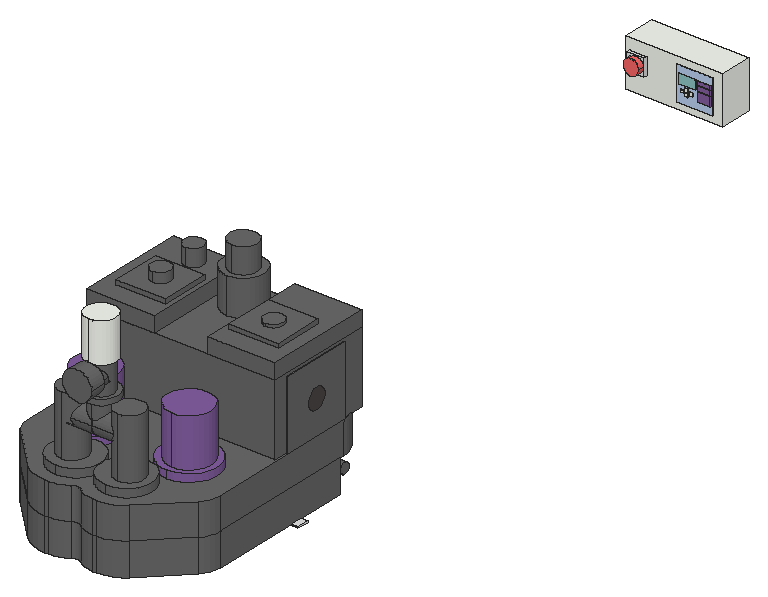
Revit family "11021", category Generic Models, Revit 2021
Family settings
  Can host rebar = No
  Round Connector Dimension = Use Diameter
  Part Type = Normal
  Work Plane-Based = No
  Always vertical = Yes
  Cut with Voids When Loaded = No
  Shared = Yes
  Room Calculation Point = No
Parameters (values of type "11021")
  SUPPLIER = "KESSEL"
  SA700ID49 = "Protection Class I"
  SA700ID48 = "no"
  SA700ID47 = "no"
  SA700ID46 = "yes"
  SA700ID37 = 8000 mm
  SA700ID34 = 40
  SA700ID33 = 1.4 W
  SA700ID32 = 97.93 kg
  SA700ID31 = 1
  SA700ID30 = 2
  SA700ID29 = "RWDR"
  SA700ID21 = 800
  SA700ID10 = "yes"
  SA700ID08 = 400 V
  PROCUREWEBLINK = "https://p.caden.as/kessel/11021"
  PROCURELINK = "p.caden.as/kessel/11021"
  PROCUREDATALASTUPDATE = "2024-05-22T12:18:06.363298847+01:00"
  PREVIEW = "../../_pool_/19/d3/11021.png"
  PRC_SPECIFICATIONLINK = "https://ausschreiben.de/catalog/kessel/catalogItem/3593f90d-558d-410c-858a-59c8beb63acd"
  NN = "Lifting station Aqualift F XL"
  NBSYN = "$SA810ID03."
  NB = "11021"
  Model = "11021"
  Manufacturer = "KESSEL"
  MIdent = "{$CADENAS_DATA/23d-libs/kessel/kessel_vdi_import/4/entwaesserung/hebeanlage20aqualift20f20xl.prj},201 {STYP=ASS},{VTYP=3D},{NB=11021},{LINA=11021},{NN=Lifting station Aqualift F XL},{DATE=21.11.2022 10:48:11},{GEOMDATE=21.11.2022 10:48:11},{VERSION=},{LINEID=200},{WBVAR=LODLEVEL},{WBNUMERIC=LODLEVEL}  {NB=11021},{LINA=11021},{KT=DUMMY},{PREVIEW=../../_pool_/19/d3/11021.png},{SA700ID04=Hebeanlage Aqualift F XL 200 l, Duo, SPF 1500-S3, Schieber},{SA810ID06=04026092056882},{SA700ID34=40.00},{SA010ID03=201805},{SA810ID03=11021},{SA810ID10=Aqualift F XL 1500W-S3 Duo 200L m.S.KESSEL Aqualift F XL Hebeanlage für fäkalienhaltiges und fäkalienfreies Abwasser. Zur Aufstellung in frostgeschützten Räumen.Duoanlage mit zwei Pumpen des Typs SPF 1500-S3 Sammelbehälter aus Polyethylen, mit verschraubter Reinigungsöffnung,Anschlussstutzen für Zulauf von oben DN100/150.Inklusive Tauchrohr zur pneumatischen Niveauerfassung,Entlüftungsanschluss DN 70 und Anschluss für eine Handmembranpumpe DN 32.Behälter inklusive Haltewinkel zur Auftriebssicherung.Behältervolumen 200 Liter, max. Nutzvolumen bei Zulauf von oben ca. 120 Liter.Zwei seitliche und zwei rückseitige Anbohrflächen zur Montage weiterer Zuläufe bis DN 200 unter Verwendung von Durchgangsdichtungen.Inklusive KESSEL Schaltgerät Aqualift Comfort 400 V.Anwenderfreundliche Menüführung im mehrzeiligem Display. MitSelbstdiagnosesystem (SDS) und Erinnerungsfunktion für nächste Wartung.Anzeige der aktuellen Messwerte. Einfache Einstellung derfunktionsrelevanten Parameter, inklusive Betriebsstundenzähler und potentialfreiem Kontakt. Optionale Weiterleitung von Alarm- und Sammelstörmeldung über GSM Schnittstelle.Schaltgerät mit Volltextanzeige in sechs Sprachen.Abwasserpumpe(n) mit Freistromrad zur Förderung von fäkalienfreiem und fäkalienhaltigem Abwasser gemäß DIN EN 12050-1. Freier Kugeldurchgang mindestens 40 mm. Pumpe(n) überflutungssicher. Inklusive Rückflussverhinderer, mit Druckabgang aus Kunststoff DN 100.Inklusive Absperrschieber.Pumpe(n) Typ SPF 1500-S3Fördermenge: max. 40 m³/hFörderhöhe: max. 8 mNennleistung (P2): 1,1 KW je PumpeAufnahmeleistung (P1): 1,4 KW je PumpeBetriebsspannung: 400 V DSNennfrequenz: 50 HzNennstrom: 2,7 AAbsicherung: 3 x 16 A trägeSchutzart (Pumpe): IP68 3mWS/48hSchutzart (Schaltgerät): IP 54Bertiebsart: S3 (50 % Einschaltdauer)Kabellänge: 5 mAußenmaße Anlage mit 200 Liter Behälter (BxTxH): 760 x 980 x 770 mm},{SA700ID37=8.00},{SA700ID33=1.40},{SA700ID08=400},{SA700ID30=2},{SA700ID32=97.93},{SA700ID49=Schutzklasse I},{SA700ID50=intern},{SA200ID03=6},{SA250ID03=vertikal},{SA260ID03=Trockenläuferpumpe},{SA350ID03=normalansaugend},{SA400ID03=E-Motor für Drehstrom},{SA460ID03=direkt},{SA500ID03=Kunststoff, Edelstahl},{SA700ID06=100},{SA700ID07=100},{SA700ID09=3/N/PE 400V},{SA700ID10=Ja},{SA700ID11=50},{SA700ID12=IP 68},{SA700ID13=F},{SA700ID15=40},{SA700ID21=800.00},{SA700ID22=1.10},{SA700ID23=1415},{SA700ID24=1415},{SA700ID26=2.70},{SA700ID27=21.00},{SA700ID28=durchgehend},{SA700ID29=RWDR},{SA700ID31=1},{SA700ID46=ja},{SA700ID47=nein},{SA700ID48=nein},{SA110ID04=Hebeanlage Aqualift F XL},{SA300ID03=einstufig},{SA700ID44=10.00},{SA700ID45=10.00},{SA010ID04=KESSEL AG},{LODLEVEL=200},{LINK=https://www.kessel.de/info?han=11021},{SA970ID01=970},{SA970ID02=7128},{SA970ID03=11021},{SA970ID04=11002617},{SA970ID05=QUAD},{SA970ID06=-410},{SA970ID07=-850},{SA970ID08=0},{SA970ID09=1},{SA970ID10=0},{SA970ID11=0},{SA970ID12=0},{SA970ID13=1},{SA970ID14=0},{SA970ID15=820},{SA970ID16=980},{SA970ID17=819},{LODLEVEL_=200,'Low'},{LODLEVEL_DEU=200,'Low'},{LINK_=https://www.kessel.de/info?han=11021},{LINK_DEU=https://www.kessel.de/info?han=11021},{LODLEVEL_3DB=11021_200},{DNIN1=100},{DNIN2=70},{DNIN4=10},{DNIN5=10},{DNIN6=50},{DNIN7=50},{DNIN8=50},{DNIN9=50},{DNOUT1=32},{DNOUT2=100},{DNOUT3=70},{ISD1=96},{ISD2=10},{ISDOUT1=40},{ISDOUT2=60},{ISDOUT3=65},{SA010ID01=010},{SA010ID02=4},{SA010ID06=www.kessel.de},{SA010ID07=www.kessel.de},{SA010ID12=20180713},{SA010ID13=DEU},{SA010ID14=DE},{SA100ID01=100},{SA100ID02=4},{SA100ID04=Entwässerung},{SA110ID01=110},{SA110ID02=6},{SA200ID01=200},{SA200ID02=6},{SA250ID01=250},{SA250ID02=2},{SA260ID01=260},{SA260ID02=2},{SA300ID01=300},{SA300ID02=1},{SA350ID01=350},{SA350ID02=1},{SA400ID01=400},{SA400ID02=2},{SA460ID01=460},{SA460ID02=1},{SA500ID01=500},{SA500ID02=1},{SA700ID01=700},{SA700ID02=46},{SA700ID10_=1},{SA700ID16=0},{SA700ID25=0},{SA700ID46_=1},{SA700ID47_=0},{SA700ID48_=0},{SA700ID49_=1},{SA700ID50_=2},{SA800ID01=800},{SA800ID02=10},{SA810ID01=810},{SA810ID02=46},{SA810ID04=11021},{SA810ID07=46},{SA810ID09=1},{SA810ID14=PCE},{SA810ID15=1},{SA810ID16=NMP},{SA960ID03=46},{SA960ID04=3L},{SA960ID08=https://www.kessel.de/info?han=11021},{SA010ID08=4026092000007},{SA100ID05=Hebeanlage},{SA110ID06=Hebeanlage}"
  LINK = "https://www.kessel.de/info?han=11021"
  LINA = "11021"
  Default Elevation = 0 mm
  CREATOR = "CADENAS GmbH"
  CATALOG = "KESSEL"
  BOMINFO = "LINA"
  ARTICLENO = "NB"
  4.810.00.9 Order quantity (multiplicator) = "1"
  4.810.00.7 Media- connection number = "46"
  4.810.00.6 GTIN number = "04026092056882"
  4.810.00.4 DATANORM number = "11021"
  4.810.00.3 Producer order number = "11021"
  4.710.03.7 Mass (net) = 97.93 kg
  4.710.03.6 Height = 807 mm
  4.710.03.5 Width = 760 mm
  4.710.03.4 Length = 980 mm
  4.710.03.3 Type of dimensions = "2"
  4.710.02.8 Area of application of wastewater pump = "1"
  4.710.02.7 Art des S2/S3-Betriebs = "50 %"
  4.710.02.6 Duty type = "S3"
  4.710.02.5 Cutting device = "0"
  4.710.02.4 Attached pump control = "1"
  4.710.02.3 Free passage = 40 mm
  4.710.01.6 Option to connect to building automation = "40"
  4.710.01.5 Load regulation = "0"
  4.710.01.4 Designation of closed-loop control = "120"
  4.710.01.3 Identifier for closed-loop control = "200"
  4.700.00.9 Voltage = 0
  4.700.00.8 Nominal connection size on suction side = "100"
  4.700.00.7 Nominal connection size on pressure side = "100"
  4.700.00.6 Type of connection = "100"
  4.700.00.4 Product indentification = "Hebeanlage Aqualift F XL 200 l, Duo, SPF 1500-S3, Schieber"
  4.700.00.28 Motor pump shaft = "durchgehend"
  4.700.00.27 Starting current = 21
  4.700.00.26 Maximum power consumption per pump / drive = 2.7
  4.700.00.25 Minimum speed at internal speed adjustment = 0
  4.700.00.24 Nominal speed / maximum speed n = 23.5833
  4.700.00.23 Nominal speed of motor = 23.5833
  4.700.00.22 Maximum shaft output (P2) per pump/drive = 1.1 W
  4.700.00.16 Maximum temperature of pumped medium = 0 °C
  4.700.00.15 Increased safety class = "40 °C"
  4.700.00.13 Type of protection = "F"
  4.700.00.12 Frequency = 0
  4.700.00.11 Stern-/Dreieck-Anlaufschaltung bei Dreiphasenanschluss oder Drehstrom = "50 Hz"
  4.700.00.10 Phase = "1"
  4.500.00.3 Variant / Variant type / Accessories-name = "Kunststoff, Edelstahl"
  4.460.00.3 Variant / Variant type / Accessories-name = "direkt"
  4.400.00.3 Variant / Variant type / Accessories-name = "E-Motor für Drehstrom"
  4.350.00.3 Variant / Variant type / Accessories-name = "normalansaugend"
  4.300.00.3 Variant / Variant type / Accessories-name = "einstufig"
  4.260.00.3 Variant / Variant type / Accessories-name = "Trockenläuferpumpe"
  4.250.00.3 Variant / Variant type / Accessories-name = "vertikal"
  4.200.00.3 Variant / Variant type / Accessories-name = "6"
  4.110.00.6 Product classification = "Hebeanlage"
  4.110.00.4 Product indentification = "Hebeanlage Aqualift F XL"
  4.100.00.5 Main groups of wares = "Hebeanlage"
  4.100.00.4 Product indentification = "Entwässerung"
  4.010.00.8 Producer ID number = "4026092000007"
  4.010.00.7 Comment = "www.kessel.de"
  4.010.00.6 Web address of the manufacturer = "www.kessel.de"
  4.010.00.4 Manufacturer name = "KESSEL AG"
  4.010.00.3 Date of issuance (month) of guideline = "201805"
  4.010.00.2 Sheet number of the guideline = "4"
  4.010.00.14 Kennungen der Projektländer, für die die Datei gültig ist = "DE"
  4.010.00.13 Sprache der Datei = "DEU"
  4.010.00.12 Stand des Herstellerkatalogs = "20180713"
Reference planes
  plane 1 "Center (Front/Back)": y = 0
  plane 2: z = 0
  plane 3 "Center (Left/Right)": x = 0
Forms (mm)
  Extrusion 1, void
    sketch origin (380.4, -114.999, 392) x (0, -1, 0) y (0, 0, 1)
      loop
        line (-0.5, -0.5) -> (0.5, -0.5) -> (0.5, 0.5) -> (-0.5, 0.5) -> (-0.5, -0.5)
    from 0 to 1
  Extrusion 2, void
    sketch origin (160.15, 130.5, 392) x (1, 0, 0) y (0, 0, 1)
      loop
        line (-0.5, -0.5) -> (0.5, -0.5) -> (0.5, 0.5) -> (-0.5, 0.5) -> (-0.5, -0.5)
    from 0 to 1
  Extrusion 3, void
    sketch origin (-161, 130.5, 392) x (1, 0, 0) y (0, 0, 1)
      loop
        line (-0.5, -0.5) -> (0.5, -0.5) -> (0.5, 0.5) -> (-0.5, 0.5) -> (-0.5, -0.5)
    from 0 to 1
  Extrusion 4, void
    sketch origin (-380.4, -115, 392) x (0, 1, 0) y (0, 0, 1)
      loop
        line (-0.5, -0.5) -> (0.5, -0.5) -> (0.5, 0.5) -> (-0.5, 0.5) -> (-0.5, -0.5)
    from 0 to 1
Dimensions and locks
  locked: plane 2 to Extrusion 1 at 392.5
  locked: plane 2 to Extrusion 1 at 391.5
  locked: plane 2 to Extrusion 2 at 392.5
  locked: plane 2 to Extrusion 2 at 391.5
  locked: plane 2 to Extrusion 3 at 392.5
  locked: plane 2 to Extrusion 3 at 391.5
  locked: plane 2 to Extrusion 4 at 392.5
  locked: plane 2 to Extrusion 4 at 391.5
  aligned and locked: level to plane 2
Nested families
  nested 1: "11021_content" at (0, 0, 0), type "11021_Content"
  nested 2: "11021_part1_X0Y0" at (1000, 1000, 1200), type "11021_PART1_X0Y0"
  nested 3: "11021_part2_X0Y0" at (0, 0, 0), type "11021_PART2_X0Y0"
Connectors
  electrical at (861, 933, 1201.5)
    settings: on nested 2, index 1, voltage 0 V, apparent load 0 VA, apparent load phase1 0 VA, apparent load phase2 0 VA, apparent load phase3 0 VA, power factor 1, load classification "Other", number of poles 1, system type 31, power factor state 1, is connector primary yes, connector utility no, sub classification motor no, connector description ""
  piping at (0, 0, 771), diameter 100
    settings: on nested 3, index 2, connector inside diameter 609.6 mm, connector length 0 mm, flow factor 0, pipe flow 0.0 L/s, pressure drop 0.0 Pa, fitting loss kfactor 0, connector angle 0.00°, fixture units 0, engagement length 0 mm, angle of deflection 0.00°, flow configuration 0, flow direction 1, fitting loss method 2, system type 8, joint type 0, gender type 0, connector reference index -1, connector utility 0, adjustable connector no, is connector primary yes, connector description ""
  piping at (380.4, -114.999, 392), diameter 70
    settings: on Extrusion 1, index 3, connector inside diameter 609.6 mm, connector length 0 mm, flow factor 0, pipe flow 0.0 L/s, pressure drop 0.0 Pa, fitting loss kfactor 0, connector angle 0.00°, fixture units 0, engagement length 0 mm, angle of deflection 0.00°, flow configuration 0, flow direction 0, fitting loss method 2, system type 8, joint type 0, gender type 0, connector reference index -1, connector utility 0, adjustable connector no, is connector primary no, connector description ""
  piping at (160.15, 130.5, 392), diameter 70
    settings: on Extrusion 2, index 4, connector inside diameter 609.6 mm, connector length 0 mm, flow factor 0, pipe flow 0.0 L/s, pressure drop 0.0 Pa, fitting loss kfactor 0, connector angle 0.00°, fixture units 0, engagement length 0 mm, angle of deflection 0.00°, flow configuration 0, flow direction 0, fitting loss method 2, system type 8, joint type 0, gender type 0, connector reference index -1, connector utility 0, adjustable connector no, is connector primary no, connector description ""
  piping at (-161, 130.5, 392), diameter 70
    settings: on Extrusion 3, index 5, connector inside diameter 609.6 mm, connector length 0 mm, flow factor 0, pipe flow 0.0 L/s, pressure drop 0.0 Pa, fitting loss kfactor 0, connector angle 0.00°, fixture units 0, engagement length 0 mm, angle of deflection 0.00°, flow configuration 0, flow direction 0, fitting loss method 2, system type 8, joint type 0, gender type 0, connector reference index -1, connector utility 0, adjustable connector no, is connector primary no, connector description ""
  piping at (-380.4, -115, 392), diameter 70
    settings: on Extrusion 4, index 6, connector inside diameter 609.6 mm, connector length 0 mm, flow factor 0, pipe flow 0.0 L/s, pressure drop 0.0 Pa, fitting loss kfactor 0, connector angle 0.00°, fixture units 0, engagement length 0 mm, angle of deflection 0.00°, flow configuration 0, flow direction 0, fitting loss method 2, system type 8, joint type 0, gender type 0, connector reference index -1, connector utility 0, adjustable connector no, is connector primary no, connector description ""
  piping at (0, -818, 611), diameter 100
    settings: on nested 3, index 7, connector inside diameter 609.6 mm, connector length 0 mm, flow factor 0, pipe flow 0.0 L/s, pressure drop 0.0 Pa, fitting loss kfactor 0, connector angle 0.00°, fixture units 0, engagement length 0 mm, angle of deflection 0.00°, flow configuration 0, flow direction 2, fitting loss method 2, system type 7, joint type 0, gender type 0, connector reference index -1, connector utility 0, adjustable connector no, is connector primary no, connector description ""
  piping at (-225, 36, 661), diameter 70
    settings: on nested 3, index 8, connector inside diameter 609.6 mm, connector length 0 mm, flow factor 0, pipe flow 0.0 L/s, pressure drop 0.0 Pa, fitting loss kfactor 0, connector angle 0.00°, fixture units 0, engagement length 0 mm, angle of deflection 0.00°, flow configuration 0, flow direction 2, fitting loss method 2, system type 7, joint type 0, gender type 0, connector reference index -1, connector utility 0, adjustable connector no, is connector primary no, connector description ""
  piping at (354.5, 56, 60), diameter 32
    settings: on nested 3, index 9, connector inside diameter 609.6 mm, connector length 0 mm, flow factor 0, pipe flow 0.0 L/s, pressure drop 0.0 Pa, fitting loss kfactor 0, connector angle 0.00°, fixture units 0, engagement length 0 mm, angle of deflection 0.00°, flow configuration 0, flow direction 2, fitting loss method 2, system type 7, joint type 0, gender type 0, connector reference index -1, connector utility 0, adjustable connector no, is connector primary no, connector description ""
  electrical at (185, -497, 477)
    settings: on nested 3, index 10, voltage 0 V, apparent load 0 VA, apparent load phase1 0 VA, apparent load phase2 0 VA, apparent load phase3 0 VA, power factor 1, load classification "Other", number of poles 1, system type 31, power factor state 1, is connector primary no, connector utility no, sub classification motor no, connector description ""
  electrical at (-185, -496.75, 477)
    settings: on nested 3, index 11, voltage 0 V, apparent load 0 VA, apparent load phase1 0 VA, apparent load phase2 0 VA, apparent load phase3 0 VA, power factor 1, load classification "Other", number of poles 1, system type 31, power factor state 1, is connector primary no, connector utility no, sub classification motor no, connector description ""
  electrical at (-222.5, -129, 650)
    settings: on nested 3, index 12, voltage 0 V, apparent load 0 VA, apparent load phase1 0 VA, apparent load phase2 0 VA, apparent load phase3 0 VA, power factor 1, load classification "Other", number of poles 1, system type 31, power factor state 1, is connector primary no, connector utility no, sub classification motor no, connector description ""
Definition of nested family "11021_part1_X0Y0"
  Parameters (values of type "11021_PART1_X0Y0")
    SUPPLIER = "KESSEL"
    SA700ID49 = "Protection Class I"
    SA700ID48 = "no"
    SA700ID47 = "no"
    SA700ID46 = "yes"
    SA700ID37 = 8000 mm
    SA700ID34 = 40
    SA700ID33 = 1.4 W
    SA700ID32 = 97.93 kg
    SA700ID31 = 1
    SA700ID30 = 2
    SA700ID29 = "RWDR"
    SA700ID21 = 800
    SA700ID10 = "yes"
    SA700ID08 = 400 V
    PREVIEW = "../../_pool_/19/d3/11021.png"
    NBSYN = "$SA810ID03._PART1"
    NB = "11021_PART1"
    Model = "11021_PART1"
    Manufacturer = "KESSEL"
    MIdent = "{$CADENAS_DATA/23d-libs/kessel/kessel_vdi_import/4/entwaesserung/hebeanlage20aqualift20f20xl.prj},221 {VTYP=3D},{NB=11021_PART1},{LINA=11021_PART1},{NN=Lifting station Aqualift F XL_PART1},{NOPRJ=TRUE},{DATE=21.11.2022 10:48:11},{GEOMDATE=21.11.2022 10:48:11},{VERSION=},{LINEID=200},{WBVAR=LODLEVEL},{WBNUMERIC=LODLEVEL}  {NB=11021_PART1},{LINA=11021_PART1},{KT=DUMMY},{PREVIEW=../../_pool_/19/d3/11021.png},{SA700ID04=Hebeanlage Aqualift F XL 200 l, Duo, SPF 1500-S3, Schieber},{SA810ID06=04026092056882},{SA700ID34=40.00},{SA010ID03=201805},{SA810ID03=11021},{SA810ID10=Aqualift F XL 1500W-S3 Duo 200L m.S.KESSEL Aqualift F XL Hebeanlage für fäkalienhaltiges und fäkalienfreies Abwasser. Zur Aufstellung in frostgeschützten Räumen.Duoanlage mit zwei Pumpen des Typs SPF 1500-S3 Sammelbehälter aus Polyethylen, mit verschraubter Reinigungsöffnung,Anschlussstutzen für Zulauf von oben DN100/150.Inklusive Tauchrohr zur pneumatischen Niveauerfassung,Entlüftungsanschluss DN 70 und Anschluss für eine Handmembranpumpe DN 32.Behälter inklusive Haltewinkel zur Auftriebssicherung.Behältervolumen 200 Liter, max. Nutzvolumen bei Zulauf von oben ca. 120 Liter.Zwei seitliche und zwei rückseitige Anbohrflächen zur Montage weiterer Zuläufe bis DN 200 unter Verwendung von Durchgangsdichtungen.Inklusive KESSEL Schaltgerät Aqualift Comfort 400 V.Anwenderfreundliche Menüführung im mehrzeiligem Display. MitSelbstdiagnosesystem (SDS) und Erinnerungsfunktion für nächste Wartung.Anzeige der aktuellen Messwerte. Einfache Einstellung derfunktionsrelevanten Parameter, inklusive Betriebsstundenzähler und potentialfreiem Kontakt. Optionale Weiterleitung von Alarm- und Sammelstörmeldung über GSM Schnittstelle.Schaltgerät mit Volltextanzeige in sechs Sprachen.Abwasserpumpe(n) mit Freistromrad zur Förderung von fäkalienfreiem und fäkalienhaltigem Abwasser gemäß DIN EN 12050-1. Freier Kugeldurchgang mindestens 40 mm. Pumpe(n) überflutungssicher. Inklusive Rückflussverhinderer, mit Druckabgang aus Kunststoff DN 100.Inklusive Absperrschieber.Pumpe(n) Typ SPF 1500-S3Fördermenge: max. 40 m³/hFörderhöhe: max. 8 mNennleistung (P2): 1,1 KW je PumpeAufnahmeleistung (P1): 1,4 KW je PumpeBetriebsspannung: 400 V DSNennfrequenz: 50 HzNennstrom: 2,7 AAbsicherung: 3 x 16 A trägeSchutzart (Pumpe): IP68 3mWS/48hSchutzart (Schaltgerät): IP 54Bertiebsart: S3 (50 % Einschaltdauer)Kabellänge: 5 mAußenmaße Anlage mit 200 Liter Behälter (BxTxH): 760 x 980 x 770 mm},{SA700ID37=8.00},{SA700ID33=1.40},{SA700ID08=400},{SA700ID30=2},{SA700ID32=97.93},{SA700ID49=Schutzklasse I},{SA700ID50=intern},{SA200ID03=6},{SA250ID03=vertikal},{SA260ID03=Trockenläuferpumpe},{SA350ID03=normalansaugend},{SA400ID03=E-Motor für Drehstrom},{SA460ID03=direkt},{SA500ID03=Kunststoff, Edelstahl},{SA700ID06=100},{SA700ID07=100},{SA700ID09=3/N/PE 400V},{SA700ID10=Ja},{SA700ID11=50},{SA700ID12=IP 68},{SA700ID13=F},{SA700ID15=40},{SA700ID21=800.00},{SA700ID22=1.10},{SA700ID23=1415},{SA700ID24=1415},{SA700ID26=2.70},{SA700ID27=21.00},{SA700ID28=durchgehend},{SA700ID29=RWDR},{SA700ID31=1},{SA700ID46=ja},{SA700ID47=nein},{SA700ID48=nein},{SA110ID04=Hebeanlage Aqualift F XL},{SA300ID03=einstufig},{SA700ID44=10.00},{SA700ID45=10.00},{SA010ID04=KESSEL AG},{LODLEVEL=200},{LINK=https://www.kessel.de/info?han=11021},{SA970ID01=970},{SA970ID02=7128},{SA970ID03=11021},{SA970ID04=11002617},{SA970ID05=QUAD},{SA970ID06=-410},{SA970ID07=-850},{SA970ID08=0},{SA970ID09=1},{SA970ID10=0},{SA970ID11=0},{SA970ID12=0},{SA970ID13=1},{SA970ID14=0},{SA970ID15=820},{SA970ID16=980},{SA970ID17=819},{LODLEVEL_=200,'Low'},{LODLEVEL_DEU=200,'Low'},{LINK_=https://www.kessel.de/info?han=11021},{LINK_DEU=https://www.kessel.de/info?han=11021},{LODLEVEL_3DB=11021_200},{DNIN1=100},{DNIN2=70},{DNIN4=10},{DNIN5=10},{DNIN6=50},{DNIN7=50},{DNIN8=50},{DNIN9=50},{DNOUT1=32},{DNOUT2=100},{DNOUT3=70},{ISD1=96},{ISD2=10},{ISDOUT1=40},{ISDOUT2=60},{ISDOUT3=65},{SA010ID01=010},{SA010ID02=4},{SA010ID06=www.kessel.de},{SA010ID07=www.kessel.de},{SA010ID12=20180713},{SA010ID13=DEU},{SA010ID14=DE},{SA100ID01=100},{SA100ID02=4},{SA100ID04=Entwässerung},{SA110ID01=110},{SA110ID02=6},{SA200ID01=200},{SA200ID02=6},{SA250ID01=250},{SA250ID02=2},{SA260ID01=260},{SA260ID02=2},{SA300ID01=300},{SA300ID02=1},{SA350ID01=350},{SA350ID02=1},{SA400ID01=400},{SA400ID02=2},{SA460ID01=460},{SA460ID02=1},{SA500ID01=500},{SA500ID02=1},{SA700ID01=700},{SA700ID02=46},{SA700ID10_=1},{SA700ID16=0},{SA700ID25=0},{SA700ID46_=1},{SA700ID47_=0},{SA700ID48_=0},{SA700ID49_=1},{SA700ID50_=2},{SA800ID01=800},{SA800ID02=10},{SA810ID01=810},{SA810ID02=46},{SA810ID04=11021},{SA810ID07=46},{SA810ID09=1},{SA810ID14=PCE},{SA810ID15=1},{SA810ID16=NMP},{SA960ID03=46},{SA960ID04=3L},{SA960ID08=https://www.kessel.de/info?han=11021},{SA010ID08=4026092000007},{SA100ID05=Hebeanlage},{SA110ID06=Hebeanlage}"
    LINK = "https://www.kessel.de/info?han=11021"
    LINA = "11021_PART1"
    Default Elevation = 1219.2 mm
    CREATOR = "CADENAS GmbH"
    CATALOG = "KESSEL"
    BOMINFO = "LINA"
    ARTICLENO = "NB"
    4.810.00.9 Order quantity (multiplicator) = "1"
    4.810.00.7 Media- connection number = "46"
    4.810.00.6 GTIN number = "04026092056882"
    4.810.00.4 DATANORM number = "11021"
    4.810.00.3 Producer order number = "11021"
    4.710.03.7 Mass (net) = 97.93 kg
    4.710.03.6 Height = 807 mm
    4.710.03.5 Width = 760 mm
    4.710.03.4 Length = 980 mm
    4.710.03.3 Type of dimensions = "2"
    4.710.02.8 Area of application of wastewater pump = "1"
    4.710.02.7 Art des S2/S3-Betriebs = "50 %"
    4.710.02.6 Duty type = "S3"
    4.710.02.5 Cutting device = "0"
    4.710.02.4 Attached pump control = "1"
    4.710.02.3 Free passage = 40 mm
    4.710.01.6 Option to connect to building automation = "40"
    4.710.01.5 Load regulation = "0"
    4.710.01.4 Designation of closed-loop control = "120"
    4.710.01.3 Identifier for closed-loop control = "200"
    4.700.00.9 Voltage = 0
    4.700.00.8 Nominal connection size on suction side = "100"
    4.700.00.7 Nominal connection size on pressure side = "100"
    4.700.00.6 Type of connection = "100"
    4.700.00.4 Product indentification = "Hebeanlage Aqualift F XL 200 l, Duo, SPF 1500-S3, Schieber"
    4.700.00.28 Motor pump shaft = "durchgehend"
    4.700.00.27 Starting current = 21
    4.700.00.26 Maximum power consumption per pump / drive = 2.7
    4.700.00.25 Minimum speed at internal speed adjustment = 0
    4.700.00.24 Nominal speed / maximum speed n = 23.5833
    4.700.00.23 Nominal speed of motor = 23.5833
    4.700.00.22 Maximum shaft output (P2) per pump/drive = 1.1 W
    4.700.00.16 Maximum temperature of pumped medium = 0 °C
    4.700.00.15 Increased safety class = "40 °C"
    4.700.00.13 Type of protection = "F"
    4.700.00.12 Frequency = 0
    4.700.00.11 Stern-/Dreieck-Anlaufschaltung bei Dreiphasenanschluss oder Drehstrom = "50 Hz"
    4.700.00.10 Phase = "1"
    4.500.00.3 Variant / Variant type / Accessories-name = "Kunststoff, Edelstahl"
    4.460.00.3 Variant / Variant type / Accessories-name = "direkt"
    4.400.00.3 Variant / Variant type / Accessories-name = "E-Motor für Drehstrom"
    4.350.00.3 Variant / Variant type / Accessories-name = "normalansaugend"
    4.300.00.3 Variant / Variant type / Accessories-name = "einstufig"
    4.260.00.3 Variant / Variant type / Accessories-name = "Trockenläuferpumpe"
    4.250.00.3 Variant / Variant type / Accessories-name = "vertikal"
    4.200.00.3 Variant / Variant type / Accessories-name = "6"
    4.110.00.6 Product classification = "Hebeanlage"
    4.110.00.4 Product indentification = "Hebeanlage Aqualift F XL"
    4.100.00.5 Main groups of wares = "Hebeanlage"
    4.100.00.4 Product indentification = "Entwässerung"
    4.010.00.8 Producer ID number = "4026092000007"
    4.010.00.7 Comment = "www.kessel.de"
    4.010.00.6 Web address of the manufacturer = "www.kessel.de"
    4.010.00.4 Manufacturer name = "KESSEL AG"
    4.010.00.3 Date of issuance (month) of guideline = "201805"
    4.010.00.2 Sheet number of the guideline = "4"
    4.010.00.14 Kennungen der Projektländer, für die die Datei gültig ist = "DE"
    4.010.00.13 Sprache der Datei = "DEU"
    4.010.00.12 Stand des Herstellerkatalogs = "20180713"
  Reference planes
    plane 1 "Center (Front/Back)": y = 0
    plane 2: z = 0
    plane 3 "Center (Left/Right)": x = 0
  Dimensions and locks
    aligned and locked: level to plane 2
  Nested families
    nested 1: "11021_part1_content" at (0, 0, 0), type "11021_PART1_Content"
  Definition of nested family "11021_part1_content"
    Parameters (values of type "11021_PART1_Content")
      SUPPLIER = "KESSEL"
      SA700ID49 = "Protection Class I"
      SA700ID48 = "no"
      SA700ID47 = "no"
      SA700ID46 = "yes"
      SA700ID37 = 8000 mm
      SA700ID34 = 40
      SA700ID33 = 1.4 W
      SA700ID32 = 97.93 kg
      SA700ID31 = 1
      SA700ID30 = 2
      SA700ID29 = "RWDR"
      SA700ID21 = 800
      SA700ID10 = "yes"
      SA700ID08 = 400 V
      PREVIEW = "../../_pool_/19/d3/11021.png"
      NBSYN = "$SA810ID03._PART1"
      NB = "11021_PART1"
      Model = "11021_PART1"
      Manufacturer = "KESSEL"
      LINK = "https://www.kessel.de/info?han=11021"
      LINA = "11021_PART1"
      Default Elevation = 1219.2 mm
      CREATOR = "CADENAS GmbH"
      CATALOG = "KESSEL"
      BOMINFO = "LINA"
      ARTICLENO = "NB"
      4.810.00.9 Order quantity (multiplicator) = "1"
      4.810.00.7 Media- connection number = "46"
      4.810.00.6 GTIN number = "04026092056882"
      4.810.00.4 DATANORM number = "11021"
      4.810.00.3 Producer order number = "11021"
      4.710.03.7 Mass (net) = 97.93 kg
      4.710.03.6 Height = 807 mm
      4.710.03.5 Width = 760 mm
      4.710.03.4 Length = 980 mm
      4.710.03.3 Type of dimensions = "2"
      4.710.02.8 Area of application of wastewater pump = "1"
      4.710.02.7 Art des S2/S3-Betriebs = "50 %"
      4.710.02.6 Duty type = "S3"
      4.710.02.5 Cutting device = "0"
      4.710.02.4 Attached pump control = "1"
      4.710.02.3 Free passage = 40 mm
      4.710.01.6 Option to connect to building automation = "40"
      4.710.01.5 Load regulation = "0"
      4.710.01.4 Designation of closed-loop control = "120"
      4.710.01.3 Identifier for closed-loop control = "200"
      4.700.00.9 Voltage = 0
      4.700.00.8 Nominal connection size on suction side = "100"
      4.700.00.7 Nominal connection size on pressure side = "100"
      4.700.00.6 Type of connection = "100"
      4.700.00.4 Product indentification = "Hebeanlage Aqualift F XL 200 l, Duo, SPF 1500-S3, Schieber"
      4.700.00.28 Motor pump shaft = "durchgehend"
      4.700.00.27 Starting current = 21
      4.700.00.26 Maximum power consumption per pump / drive = 2.7
      4.700.00.25 Minimum speed at internal speed adjustment = 0
      4.700.00.24 Nominal speed / maximum speed n = 23.5833
      4.700.00.23 Nominal speed of motor = 23.5833
      4.700.00.22 Maximum shaft output (P2) per pump/drive = 1.1 W
      4.700.00.16 Maximum temperature of pumped medium = 0 °C
      4.700.00.15 Increased safety class = "40 °C"
      4.700.00.13 Type of protection = "F"
      4.700.00.12 Frequency = 0
      4.700.00.11 Stern-/Dreieck-Anlaufschaltung bei Dreiphasenanschluss oder Drehstrom = "50 Hz"
      4.700.00.10 Phase = "1"
      4.500.00.3 Variant / Variant type / Accessories-name = "Kunststoff, Edelstahl"
      4.460.00.3 Variant / Variant type / Accessories-name = "direkt"
      4.400.00.3 Variant / Variant type / Accessories-name = "E-Motor für Drehstrom"
      4.350.00.3 Variant / Variant type / Accessories-name = "normalansaugend"
      4.300.00.3 Variant / Variant type / Accessories-name = "einstufig"
      4.260.00.3 Variant / Variant type / Accessories-name = "Trockenläuferpumpe"
      4.250.00.3 Variant / Variant type / Accessories-name = "vertikal"
      4.200.00.3 Variant / Variant type / Accessories-name = "6"
      4.110.00.6 Product classification = "Hebeanlage"
      4.110.00.4 Product indentification = "Hebeanlage Aqualift F XL"
      4.100.00.5 Main groups of wares = "Hebeanlage"
      4.100.00.4 Product indentification = "Entwässerung"
      4.010.00.8 Producer ID number = "4026092000007"
      4.010.00.7 Comment = "www.kessel.de"
      4.010.00.6 Web address of the manufacturer = "www.kessel.de"
      4.010.00.4 Manufacturer name = "KESSEL AG"
      4.010.00.3 Date of issuance (month) of guideline = "201805"
      4.010.00.2 Sheet number of the guideline = "4"
      4.010.00.14 Kennungen der Projektländer, für die die Datei gültig ist = "DE"
      4.010.00.13 Sprache der Datei = "DEU"
      4.010.00.12 Stand des Herstellerkatalogs = "20180713"
    Reference planes
      plane 1 "Center (Front/Back)": y = 0
      plane 2: z = 0
      plane 3 "Center (Left/Right)": x = 0
    Forms (mm)
      Extrusion 1, solid, detail levels medium+fine
        sketch origin (189.25, -1.75, 0.2) x (0, -1, 0) y (0, 0, 1)
          loop
            line (0, 187.8) -> (0, 0) -> (127.75, 0) -> (127.75, 187.8) -> (0, 187.8)
        from 0 to 378.5
      Extrusion 2, solid, detail levels medium+fine
        sketch origin (-4, -67, 0) x (0, 1, 0) y (-1, 0, 0)
          loop
            circle (0, 0) r 12.5
        from 0 to 1.5
      Extrusion 3, solid, detail levels medium+fine
        sketch origin (150.8, -129.5, 26.5) x (0, -1, 0) y (0, 0, 1)
          loop
            line (-1.2, 134.8) -> (-1.2, 0) -> (0.25, 0) -> (0.25, 134.8) -> (-1.2, 134.8)
        from 0 to 139.9
      Extrusion 4, solid, detail levels medium+fine
        sketch origin (72.55, -129.75, 66) x (0, -1, 0) y (0, 0, 1)
          loop
            line (-1, 12) -> (-1, 0) -> (0.5, 0) -> (0.5, 12) -> (-1, 12)
        from 0 to 12
      Extrusion 5, solid, detail levels medium+fine
        sketch origin (84.45, -129.75, 93.4) x (0, -1, 0) y (0, 0, 1)
          loop
            line (-1, 37) -> (-1, 0) -> (0.5, 0) -> (0.5, 37) -> (-1, 37)
        from 0 to 66
      Extrusion 6, solid, detail levels medium+fine
        sketch origin (55.3, -129.75, 74) x (0, -1, 0) y (0, 0, 1)
          loop
            line (-1, 12) -> (-1, 0) -> (0.5, 0) -> (0.5, 12) -> (-1, 12)
        from 0 to 12
      Extrusion 7, solid, detail levels medium+fine
        sketch origin (143.3, -129.75, 94.4) x (0, -1, 0) y (0, 0, 1)
          loop
            line (0, 16) -> (0, 0) -> (1.75, 0) -> (1.75, 16) -> (0, 16)
        from 0 to 51
      Extrusion 8, solid, detail levels medium+fine
        sketch origin (143.3, -129.75, 54.4) x (0, -1, 0) y (0, 0, 1)
          loop
            line (0, 36) -> (0, 0) -> (1.75, 0) -> (1.75, 36) -> (0, 36)
        from 0 to 51
      Extrusion 9, solid, detail levels medium+fine
        sketch origin (55.3, -129.75, 57.5) x (0, -1, 0) y (0, 0, 1)
          loop
            line (-1, 12) -> (-1, 0) -> (0.5, 0) -> (0.5, 12) -> (-1, 12)
        from 0 to 12
      Extrusion 10, solid, detail levels medium+fine
        sketch origin (143.3, -129.75, 114.4) x (0, -1, 0) y (0, 0, 1)
          loop
            line (0, 16) -> (0, 0) -> (1.75, 0) -> (1.75, 16) -> (0, 16)
        from 0 to 51
      Extrusion 11, solid, detail levels medium+fine
        sketch origin (38.05, -129.75, 66) x (0, -1, 0) y (0, 0, 1)
          loop
            line (-1, 12) -> (-1, 0) -> (0.5, 0) -> (0.5, 12) -> (-1, 12)
        from 0 to 12
      Extrusion 12, solid, detail levels medium+fine
        sketch origin (47, -72, 0) x (0, 1, 0) y (-1, 0, 0)
          loop
            circle (0, 0) r 8
        from 0 to 1.5
      Extrusion 13, solid, detail levels medium+fine
        sketch origin (47, -42, 0) x (0, 1, 0) y (-1, 0, 0)
          loop
            circle (0, 0) r 5.25
        from 0 to 1.5
      Extrusion 14, solid, detail levels medium+fine
        sketch origin (77, -72, 0) x (0, 1, 0) y (-1, 0, 0)
          loop
            circle (0, 0) r 8
        from 0 to 1.5
      Extrusion 15, solid, detail levels medium+fine
        sketch origin (-94, -67, 0) x (0, 1, 0) y (-1, 0, 0)
          loop
            circle (0, 0) r 12.5
        from 0 to 1.5
      Extrusion 16, solid, detail levels medium+fine
        sketch origin (92, -42, 0) x (0, 1, 0) y (-1, 0, 0)
          loop
            circle (0, 0) r 8
        from 0 to 1.5
      Extrusion 17, solid, detail levels medium+fine
        sketch origin (107, -72, 0) x (0, 1, 0) y (-1, 0, 0)
          loop
            circle (0, 0) r 8
        from 0 to 1.5
      Extrusion 18, solid, detail levels medium+fine
        sketch origin (122, -42, 0) x (0, 1, 0) y (-1, 0, 0)
          loop
            circle (0, 0) r 8
        from 0 to 1.5
      Extrusion 19, solid, detail levels medium+fine
        sketch origin (-107.7, -129.5, 76.9) x (0, -1, 0) y (0, 0, 1)
          loop
            line (0, 67) -> (0, 0) -> (14, 0) -> (14, 67) -> (0, 67)
        from 0 to 67
      Extrusion 20, solid, detail levels medium+fine
        sketch origin (-141.2, -143.5, 110.4) x (1, 0, 0) y (0, 0, 1)
          loop
            circle (0, 0) r 30
        from 0 to 22
      Extrusion 21, solid, detail levels medium+fine
        sketch origin (127, -15, 0) x (0, 1, 0) y (-1, 0, 0)
          loop
            circle (0, 0) r 6
        from 0 to 1.5
      Extrusion 22, solid, detail levels medium+fine
        sketch origin (137, -72, 0) x (0, 1, 0) y (-1, 0, 0)
          loop
            circle (0, 0) r 8
        from 0 to 1.5
      Extrusion 23, solid, detail levels medium+fine
        sketch origin (-139, -67, 0) x (0, 1, 0) y (-1, 0, 0)
          loop
            circle (0, 0) r 12.5
        from 0 to 1.5
      Extrusion 24, solid, detail levels medium+fine
        sketch origin (152, -42, 0) x (0, 1, 0) y (-1, 0, 0)
          loop
            circle (0, 0) r 8
        from 0 to 1.5
      Extrusion 25, solid, detail levels coarse
        sketch origin (0, -83.625, 0) x (1, 0, 0) y (0, 1, 0)
          loop
            line (-189.25, -81.875) -> (189.25, -81.875) -> (189.25, 81.875) -> (-189.25, 81.875) -> (-189.25, -81.875)
        from 0 to 188
    Dimensions and locks
      aligned and locked: level to plane 2
Definition of nested family "11021_part2_X0Y0"
  Parameters (values of type "11021_PART2_X0Y0")
    SUPPLIER = "KESSEL"
    SA700ID49 = "Protection Class I"
    SA700ID48 = "no"
    SA700ID47 = "no"
    SA700ID46 = "yes"
    SA700ID37 = 8000 mm
    SA700ID34 = 40
    SA700ID33 = 1.4 W
    SA700ID32 = 97.93 kg
    SA700ID31 = 1
    SA700ID30 = 2
    SA700ID29 = "RWDR"
    SA700ID21 = 800
    SA700ID10 = "yes"
    SA700ID08 = 400 V
    PREVIEW = "../../_pool_/19/d3/11021.png"
    NBSYN = "$SA810ID03._PART2"
    NB = "11021_PART2"
    Model = "11021_PART2"
    Manufacturer = "KESSEL"
    MIdent = "{$CADENAS_DATA/23d-libs/kessel/kessel_vdi_import/4/entwaesserung/hebeanlage20aqualift20f20xl.prj},221 {VTYP=3D},{NB=11021_PART2},{LINA=11021_PART2},{NN=Lifting station Aqualift F XL_PART2},{NOPRJ=TRUE},{DATE=21.11.2022 10:48:11},{GEOMDATE=21.11.2022 10:48:11},{VERSION=},{LINEID=200},{WBVAR=LODLEVEL},{WBNUMERIC=LODLEVEL}  {NB=11021_PART2},{LINA=11021_PART2},{KT=DUMMY},{PREVIEW=../../_pool_/19/d3/11021.png},{SA700ID04=Hebeanlage Aqualift F XL 200 l, Duo, SPF 1500-S3, Schieber},{SA810ID06=04026092056882},{SA700ID34=40.00},{SA010ID03=201805},{SA810ID03=11021},{SA810ID10=Aqualift F XL 1500W-S3 Duo 200L m.S.KESSEL Aqualift F XL Hebeanlage für fäkalienhaltiges und fäkalienfreies Abwasser. Zur Aufstellung in frostgeschützten Räumen.Duoanlage mit zwei Pumpen des Typs SPF 1500-S3 Sammelbehälter aus Polyethylen, mit verschraubter Reinigungsöffnung,Anschlussstutzen für Zulauf von oben DN100/150.Inklusive Tauchrohr zur pneumatischen Niveauerfassung,Entlüftungsanschluss DN 70 und Anschluss für eine Handmembranpumpe DN 32.Behälter inklusive Haltewinkel zur Auftriebssicherung.Behältervolumen 200 Liter, max. Nutzvolumen bei Zulauf von oben ca. 120 Liter.Zwei seitliche und zwei rückseitige Anbohrflächen zur Montage weiterer Zuläufe bis DN 200 unter Verwendung von Durchgangsdichtungen.Inklusive KESSEL Schaltgerät Aqualift Comfort 400 V.Anwenderfreundliche Menüführung im mehrzeiligem Display. MitSelbstdiagnosesystem (SDS) und Erinnerungsfunktion für nächste Wartung.Anzeige der aktuellen Messwerte. Einfache Einstellung derfunktionsrelevanten Parameter, inklusive Betriebsstundenzähler und potentialfreiem Kontakt. Optionale Weiterleitung von Alarm- und Sammelstörmeldung über GSM Schnittstelle.Schaltgerät mit Volltextanzeige in sechs Sprachen.Abwasserpumpe(n) mit Freistromrad zur Förderung von fäkalienfreiem und fäkalienhaltigem Abwasser gemäß DIN EN 12050-1. Freier Kugeldurchgang mindestens 40 mm. Pumpe(n) überflutungssicher. Inklusive Rückflussverhinderer, mit Druckabgang aus Kunststoff DN 100.Inklusive Absperrschieber.Pumpe(n) Typ SPF 1500-S3Fördermenge: max. 40 m³/hFörderhöhe: max. 8 mNennleistung (P2): 1,1 KW je PumpeAufnahmeleistung (P1): 1,4 KW je PumpeBetriebsspannung: 400 V DSNennfrequenz: 50 HzNennstrom: 2,7 AAbsicherung: 3 x 16 A trägeSchutzart (Pumpe): IP68 3mWS/48hSchutzart (Schaltgerät): IP 54Bertiebsart: S3 (50 % Einschaltdauer)Kabellänge: 5 mAußenmaße Anlage mit 200 Liter Behälter (BxTxH): 760 x 980 x 770 mm},{SA700ID37=8.00},{SA700ID33=1.40},{SA700ID08=400},{SA700ID30=2},{SA700ID32=97.93},{SA700ID49=Schutzklasse I},{SA700ID50=intern},{SA200ID03=6},{SA250ID03=vertikal},{SA260ID03=Trockenläuferpumpe},{SA350ID03=normalansaugend},{SA400ID03=E-Motor für Drehstrom},{SA460ID03=direkt},{SA500ID03=Kunststoff, Edelstahl},{SA700ID06=100},{SA700ID07=100},{SA700ID09=3/N/PE 400V},{SA700ID10=Ja},{SA700ID11=50},{SA700ID12=IP 68},{SA700ID13=F},{SA700ID15=40},{SA700ID21=800.00},{SA700ID22=1.10},{SA700ID23=1415},{SA700ID24=1415},{SA700ID26=2.70},{SA700ID27=21.00},{SA700ID28=durchgehend},{SA700ID29=RWDR},{SA700ID31=1},{SA700ID46=ja},{SA700ID47=nein},{SA700ID48=nein},{SA110ID04=Hebeanlage Aqualift F XL},{SA300ID03=einstufig},{SA700ID44=10.00},{SA700ID45=10.00},{SA010ID04=KESSEL AG},{LODLEVEL=200},{LINK=https://www.kessel.de/info?han=11021},{SA970ID01=970},{SA970ID02=7128},{SA970ID03=11021},{SA970ID04=11002617},{SA970ID05=QUAD},{SA970ID06=-410},{SA970ID07=-850},{SA970ID08=0},{SA970ID09=1},{SA970ID10=0},{SA970ID11=0},{SA970ID12=0},{SA970ID13=1},{SA970ID14=0},{SA970ID15=820},{SA970ID16=980},{SA970ID17=819},{LODLEVEL_=200,'Low'},{LODLEVEL_DEU=200,'Low'},{LINK_=https://www.kessel.de/info?han=11021},{LINK_DEU=https://www.kessel.de/info?han=11021},{LODLEVEL_3DB=11021_200},{DNIN1=100},{DNIN2=70},{DNIN4=10},{DNIN5=10},{DNIN6=50},{DNIN7=50},{DNIN8=50},{DNIN9=50},{DNOUT1=32},{DNOUT2=100},{DNOUT3=70},{ISD1=96},{ISD2=10},{ISDOUT1=40},{ISDOUT2=60},{ISDOUT3=65},{SA010ID01=010},{SA010ID02=4},{SA010ID06=www.kessel.de},{SA010ID07=www.kessel.de},{SA010ID12=20180713},{SA010ID13=DEU},{SA010ID14=DE},{SA100ID01=100},{SA100ID02=4},{SA100ID04=Entwässerung},{SA110ID01=110},{SA110ID02=6},{SA200ID01=200},{SA200ID02=6},{SA250ID01=250},{SA250ID02=2},{SA260ID01=260},{SA260ID02=2},{SA300ID01=300},{SA300ID02=1},{SA350ID01=350},{SA350ID02=1},{SA400ID01=400},{SA400ID02=2},{SA460ID01=460},{SA460ID02=1},{SA500ID01=500},{SA500ID02=1},{SA700ID01=700},{SA700ID02=46},{SA700ID10_=1},{SA700ID16=0},{SA700ID25=0},{SA700ID46_=1},{SA700ID47_=0},{SA700ID48_=0},{SA700ID49_=1},{SA700ID50_=2},{SA800ID01=800},{SA800ID02=10},{SA810ID01=810},{SA810ID02=46},{SA810ID04=11021},{SA810ID07=46},{SA810ID09=1},{SA810ID14=PCE},{SA810ID15=1},{SA810ID16=NMP},{SA960ID03=46},{SA960ID04=3L},{SA960ID08=https://www.kessel.de/info?han=11021},{SA010ID08=4026092000007},{SA100ID05=Hebeanlage},{SA110ID06=Hebeanlage}"
    LINK = "https://www.kessel.de/info?han=11021"
    LINA = "11021_PART2"
    Default Elevation = 1219.2 mm
    CREATOR = "CADENAS GmbH"
    CATALOG = "KESSEL"
    BOMINFO = "LINA"
    ARTICLENO = "NB"
    4.810.00.9 Order quantity (multiplicator) = "1"
    4.810.00.7 Media- connection number = "46"
    4.810.00.6 GTIN number = "04026092056882"
    4.810.00.4 DATANORM number = "11021"
    4.810.00.3 Producer order number = "11021"
    4.710.03.7 Mass (net) = 97.93 kg
    4.710.03.6 Height = 807 mm
    4.710.03.5 Width = 760 mm
    4.710.03.4 Length = 980 mm
    4.710.03.3 Type of dimensions = "2"
    4.710.02.8 Area of application of wastewater pump = "1"
    4.710.02.7 Art des S2/S3-Betriebs = "50 %"
    4.710.02.6 Duty type = "S3"
    4.710.02.5 Cutting device = "0"
    4.710.02.4 Attached pump control = "1"
    4.710.02.3 Free passage = 40 mm
    4.710.01.6 Option to connect to building automation = "40"
    4.710.01.5 Load regulation = "0"
    4.710.01.4 Designation of closed-loop control = "120"
    4.710.01.3 Identifier for closed-loop control = "200"
    4.700.00.9 Voltage = 0
    4.700.00.8 Nominal connection size on suction side = "100"
    4.700.00.7 Nominal connection size on pressure side = "100"
    4.700.00.6 Type of connection = "100"
    4.700.00.4 Product indentification = "Hebeanlage Aqualift F XL 200 l, Duo, SPF 1500-S3, Schieber"
    4.700.00.28 Motor pump shaft = "durchgehend"
    4.700.00.27 Starting current = 21
    4.700.00.26 Maximum power consumption per pump / drive = 2.7
    4.700.00.25 Minimum speed at internal speed adjustment = 0
    4.700.00.24 Nominal speed / maximum speed n = 23.5833
    4.700.00.23 Nominal speed of motor = 23.5833
    4.700.00.22 Maximum shaft output (P2) per pump/drive = 1.1 W
    4.700.00.16 Maximum temperature of pumped medium = 0 °C
    4.700.00.15 Increased safety class = "40 °C"
    4.700.00.13 Type of protection = "F"
    4.700.00.12 Frequency = 0
    4.700.00.11 Stern-/Dreieck-Anlaufschaltung bei Dreiphasenanschluss oder Drehstrom = "50 Hz"
    4.700.00.10 Phase = "1"
    4.500.00.3 Variant / Variant type / Accessories-name = "Kunststoff, Edelstahl"
    4.460.00.3 Variant / Variant type / Accessories-name = "direkt"
    4.400.00.3 Variant / Variant type / Accessories-name = "E-Motor für Drehstrom"
    4.350.00.3 Variant / Variant type / Accessories-name = "normalansaugend"
    4.300.00.3 Variant / Variant type / Accessories-name = "einstufig"
    4.260.00.3 Variant / Variant type / Accessories-name = "Trockenläuferpumpe"
    4.250.00.3 Variant / Variant type / Accessories-name = "vertikal"
    4.200.00.3 Variant / Variant type / Accessories-name = "6"
    4.110.00.6 Product classification = "Hebeanlage"
    4.110.00.4 Product indentification = "Hebeanlage Aqualift F XL"
    4.100.00.5 Main groups of wares = "Hebeanlage"
    4.100.00.4 Product indentification = "Entwässerung"
    4.010.00.8 Producer ID number = "4026092000007"
    4.010.00.7 Comment = "www.kessel.de"
    4.010.00.6 Web address of the manufacturer = "www.kessel.de"
    4.010.00.4 Manufacturer name = "KESSEL AG"
    4.010.00.3 Date of issuance (month) of guideline = "201805"
    4.010.00.2 Sheet number of the guideline = "4"
    4.010.00.14 Kennungen der Projektländer, für die die Datei gültig ist = "DE"
    4.010.00.13 Sprache der Datei = "DEU"
    4.010.00.12 Stand des Herstellerkatalogs = "20180713"
  Reference planes
    plane 1 "Center (Front/Back)": y = 0
    plane 2: z = 0
    plane 3 "Center (Left/Right)": x = 0
  Dimensions and locks
    aligned and locked: level to plane 2
  Nested families
    nested 1: "11021_part2_content" at (0, 0, 0), type "11021_PART2_Content"
  Definition of nested family "11021_part2_content"
    Parameters (values of type "11021_PART2_Content")
      SUPPLIER = "KESSEL"
      SA700ID49 = "Protection Class I"
      SA700ID48 = "no"
      SA700ID47 = "no"
      SA700ID46 = "yes"
      SA700ID37 = 8000 mm
      SA700ID34 = 40
      SA700ID33 = 1.4 W
      SA700ID32 = 97.93 kg
      SA700ID31 = 1
      SA700ID30 = 2
      SA700ID29 = "RWDR"
      SA700ID21 = 800
      SA700ID10 = "yes"
      SA700ID08 = 400 V
      PREVIEW = "../../_pool_/19/d3/11021.png"
      NBSYN = "$SA810ID03._PART2"
      NB = "11021_PART2"
      Model = "11021_PART2"
      Manufacturer = "KESSEL"
      LINK = "https://www.kessel.de/info?han=11021"
      LINA = "11021_PART2"
      Default Elevation = 1219.2 mm
      CREATOR = "CADENAS GmbH"
      CATALOG = "KESSEL"
      BOMINFO = "LINA"
      ARTICLENO = "NB"
      4.810.00.9 Order quantity (multiplicator) = "1"
      4.810.00.7 Media- connection number = "46"
      4.810.00.6 GTIN number = "04026092056882"
      4.810.00.4 DATANORM number = "11021"
      4.810.00.3 Producer order number = "11021"
      4.710.03.7 Mass (net) = 97.93 kg
      4.710.03.6 Height = 807 mm
      4.710.03.5 Width = 760 mm
      4.710.03.4 Length = 980 mm
      4.710.03.3 Type of dimensions = "2"
      4.710.02.8 Area of application of wastewater pump = "1"
      4.710.02.7 Art des S2/S3-Betriebs = "50 %"
      4.710.02.6 Duty type = "S3"
      4.710.02.5 Cutting device = "0"
      4.710.02.4 Attached pump control = "1"
      4.710.02.3 Free passage = 40 mm
      4.710.01.6 Option to connect to building automation = "40"
      4.710.01.5 Load regulation = "0"
      4.710.01.4 Designation of closed-loop control = "120"
      4.710.01.3 Identifier for closed-loop control = "200"
      4.700.00.9 Voltage = 0
      4.700.00.8 Nominal connection size on suction side = "100"
      4.700.00.7 Nominal connection size on pressure side = "100"
      4.700.00.6 Type of connection = "100"
      4.700.00.4 Product indentification = "Hebeanlage Aqualift F XL 200 l, Duo, SPF 1500-S3, Schieber"
      4.700.00.28 Motor pump shaft = "durchgehend"
      4.700.00.27 Starting current = 21
      4.700.00.26 Maximum power consumption per pump / drive = 2.7
      4.700.00.25 Minimum speed at internal speed adjustment = 0
      4.700.00.24 Nominal speed / maximum speed n = 23.5833
      4.700.00.23 Nominal speed of motor = 23.5833
      4.700.00.22 Maximum shaft output (P2) per pump/drive = 1.1 W
      4.700.00.16 Maximum temperature of pumped medium = 0 °C
      4.700.00.15 Increased safety class = "40 °C"
      4.700.00.13 Type of protection = "F"
      4.700.00.12 Frequency = 0
      4.700.00.11 Stern-/Dreieck-Anlaufschaltung bei Dreiphasenanschluss oder Drehstrom = "50 Hz"
      4.700.00.10 Phase = "1"
      4.500.00.3 Variant / Variant type / Accessories-name = "Kunststoff, Edelstahl"
      4.460.00.3 Variant / Variant type / Accessories-name = "direkt"
      4.400.00.3 Variant / Variant type / Accessories-name = "E-Motor für Drehstrom"
      4.350.00.3 Variant / Variant type / Accessories-name = "normalansaugend"
      4.300.00.3 Variant / Variant type / Accessories-name = "einstufig"
      4.260.00.3 Variant / Variant type / Accessories-name = "Trockenläuferpumpe"
      4.250.00.3 Variant / Variant type / Accessories-name = "vertikal"
      4.200.00.3 Variant / Variant type / Accessories-name = "6"
      4.110.00.6 Product classification = "Hebeanlage"
      4.110.00.4 Product indentification = "Hebeanlage Aqualift F XL"
      4.100.00.5 Main groups of wares = "Hebeanlage"
      4.100.00.4 Product indentification = "Entwässerung"
      4.010.00.8 Producer ID number = "4026092000007"
      4.010.00.7 Comment = "www.kessel.de"
      4.010.00.6 Web address of the manufacturer = "www.kessel.de"
      4.010.00.4 Manufacturer name = "KESSEL AG"
      4.010.00.3 Date of issuance (month) of guideline = "201805"
      4.010.00.2 Sheet number of the guideline = "4"
      4.010.00.14 Kennungen der Projektländer, für die die Datei gültig ist = "DE"
      4.010.00.13 Sprache der Datei = "DEU"
      4.010.00.12 Stand des Herstellerkatalogs = "20180713"
    Reference planes
      plane 1 "Center (Front/Back)": y = 0
      plane 2: z = 0
      plane 3 "Center (Left/Right)": x = 0
    Forms (mm)
      Extrusion 1, solid, detail levels medium+fine
        sketch origin (0, -700, 130.5) x (1, 0, 0) y (0, 1, 0)
          loop
            arc (-379.67, 111.11) -> (-372.064, 72.826) -> (-350.38, 40.37) r 99.994
            line (-350.38, 40.37) -> (-201.01, -108.99)
            arc (-201.01, -108.99) -> (-155.599, -139.342) -> (-102.029, -150) r 139.954
            line (-102.029, -150) -> (-87.172, -150)
            arc (-87.172, -150) -> (-50.741, -143.793) -> (-18.421, -125.871) r 110.009
            arc (-18.421, -125.871) -> (0.33, -119.29) -> (19.081, -125.871) r 30.004
            arc (19.081, -125.871) -> (51.401, -143.793) -> (87.832, -150) r 110.009
            line (87.832, -150) -> (102.68, -150)
            arc (102.68, -150) -> (156.256, -139.343) -> (201.675, -108.995) r 140
            line (201.675, -108.995) -> (351.043, 40.373)
            arc (351.043, 40.373) -> (372.718, 72.813) -> (380.33, 111.079) r 99.994
            line (380.33, 111.079) -> (380.33, 721.05)
            arc (380.33, 721.05) -> (355.602, 786.915) -> (293.62, 820.2) r 100.014
            line (293.62, 820.2) -> (-292.95, 820.2)
            arc (-292.95, 820.2) -> (-354.938, 786.918) -> (-379.67, 721.05) r 100.011
            line (-379.67, 721.05) -> (-379.67, 111.11)
        from 0 to 125.5
      Extrusion 2, solid, detail levels medium+fine
        sketch origin (0, -700, 1) x (1, 0, 0) y (0, 1, 0)
          loop
            arc (-379.67, 111.11) -> (-372.064, 72.826) -> (-350.38, 40.37) r 99.994
            line (-350.38, 40.37) -> (-201.01, -108.99)
            arc (-201.01, -108.99) -> (-155.599, -139.342) -> (-102.029, -150) r 139.954
            line (-102.029, -150) -> (-87.172, -150)
            arc (-87.172, -150) -> (-50.741, -143.793) -> (-18.421, -125.871) r 110.009
            arc (-18.421, -125.871) -> (0.33, -119.29) -> (19.081, -125.871) r 30.004
            arc (19.081, -125.871) -> (51.401, -143.793) -> (87.832, -150) r 110.009
            line (87.832, -150) -> (102.68, -150)
            arc (102.68, -150) -> (156.256, -139.343) -> (201.675, -108.995) r 140
            line (201.675, -108.995) -> (351.043, 40.373)
            arc (351.043, 40.373) -> (372.718, 72.813) -> (380.33, 111.079) r 99.994
            line (380.33, 111.079) -> (380.33, 699.2) -> (271, 699.2) -> (271, 820.2) -> (-292.95, 820.2)
            arc (-292.95, 820.2) -> (-354.938, 786.918) -> (-379.67, 721.05) r 100.011
            line (-379.67, 721.05) -> (-379.67, 111.11)
        from 0 to 129.5
      Extrusion 3, solid, detail levels medium+fine
        sketch origin (185, -497, 256) x (0, 1, 0) y (-1, 0, 0)
          loop
            circle (0, 0) r 110
        from 0 to 30
      Extrusion 4, solid, detail levels medium+fine
        sketch origin (185, -497, 286) x (0, 1, 0) y (-1, 0, 0)
          loop
            circle (0, 0) r 86
        from 0 to 191
      Extrusion 5, solid, detail levels medium+fine
        sketch origin (100, -700, 256) x (0, 1, 0) y (-1, 0, 0)
          loop
            circle (0, 0) r 100
        from 0 to 32
      Extrusion 6, solid, detail levels medium+fine
        sketch origin (112, -700, 288) x (0, 1, 0) y (-1, 0, 0)
          loop
            circle (0, 0) r 56
        from 0 to 234
      Extrusion 7, solid, detail levels medium+fine
        sketch origin (0, -700, 440) x (0, 1, 0) y (0, 0, 1)
          loop
            circle (0, 0) r 48.5
        from 0 to 112
      Extrusion 8, solid, detail levels medium+fine
        sketch origin (0, -700, 440) x (0, 1, 0) y (-1, 0, 0)
          loop
            circle (0, 0) r 45
        from 0 to 87
      Extrusion 9, solid, detail levels medium+fine
        sketch origin (0, -700, 527) x (0, 1, 0) y (-1, 0, 0)
          loop
            circle (0, 0) r 67
        from 0 to 21
      Extrusion 10, solid, detail levels medium+fine
        sketch origin (0, -700, 548) x (0, 1, 0) y (-1, 0, 0)
          loop
            circle (0, 0) r 48
        from 0 to 115.8
      Extrusion 11, solid, detail levels medium+fine
        sketch origin (0, -700, 611) x (1, 0, 0) y (0, 0, 1)
          loop
            circle (0, 0) r 43
        from 0 to 58
      Extrusion 12, solid, detail levels medium+fine
        sketch origin (0, -758, 611) x (1, 0, 0) y (0, 0, 1)
          loop
            circle (0, 0) r 57
        from 0 to 60
      Extrusion 13, solid, detail levels medium+fine
        sketch origin (0, -700, 440) x (0, -1, 0) y (0, 0, 1)
          loop
            circle (0, 0) r 48.5
        from 0 to 112
      Extrusion 14, solid, detail levels medium+fine
        sketch origin (-112, -700, 288) x (0, -1, 0) y (1, 0, 0)
          loop
            circle (0, 0) r 56
        from 0 to 234
      Extrusion 15, solid, detail levels medium+fine
        sketch origin (-100, -700, 255) x (0, -1, 0) y (1, 0, 0)
          loop
            circle (0, 0) r 100.1
        from 0 to 33
      Extrusion 16, solid, detail levels medium+fine
        sketch origin (0, -700, 663.8) x (0, 1, 0) y (-1, 0, 0)
          loop
            circle (0, 0) r 58.5
        from 0 to 155.2
      Extrusion 17, solid, detail levels medium+fine
        sketch origin (-185, -496.75, 256) x (0, 1, 0) y (-1, 0, 0)
          loop
            circle (0, 0) r 110
        from 0 to 30
      Extrusion 18, solid, detail levels medium+fine
        sketch origin (-185, -496.75, 286) x (0, 1, 0) y (-1, 0, 0)
          loop
            circle (0, 0) r 86
        from 0 to 191
      Extrusion 19, solid, detail levels medium+fine
        sketch origin (-370, -305.8, 256) x (0, 1, 0) y (0, 0, 1)
          loop
            line (0, 279) -> (0, 0) -> (425.8, 0) -> (425.8, 279) -> (0, 279)
        from 0 to 740
      Extrusion 20, solid, detail levels medium+fine
        sketch origin (0, 0, 535) x (0, 1, 0) y (-1, 0, 0)
          loop
            circle (0, 0) r 80
        from 0 to 140
      Extrusion 21, solid, detail levels medium+fine
        sketch origin (0, 0, 675) x (0, 1, 0) y (-1, 0, 0)
          loop
            circle (0, 0) r 55
        from 0 to 96
      Extrusion 22, solid, detail levels medium+fine
        sketch origin (19.12, 120, 161) x (0, 1, 0) y (0, 0, 1)
          loop
            line (0, 366.75) -> (0, 0) -> (10, 0) -> (10, 366.75) -> (0, 366.75)
        from 0 to 281.75
      Extrusion 23, solid, detail levels medium+fine
        sketch origin (160.15, 129, 392) x (1, 0, 0) y (0, 0, -1)
          loop
            circle (0, 0) r 40
        from 0 to 1.6
      Extrusion 24, solid, detail levels medium+fine
        sketch origin (-300.88, 120, 161) x (0, 1, 0) y (0, 0, 1)
          loop
            line (0, 366.75) -> (0, 0) -> (10, 0) -> (10, 366.75) -> (0, 366.75)
        from 0 to 281.75
      Extrusion 25, solid, detail levels medium+fine
        sketch origin (-161, 129, 392) x (1, 0, 0) y (0, 0, -1)
          loop
            circle (0, 0) r 40
        from 0 to 1.6
      Extrusion 26, solid, detail levels medium+fine
        sketch origin (-370, -305.8, 535) x (0, 1, 0) y (0, 0, 1)
          loop
            line (0, 61) -> (0, 0) -> (425.8, 0) -> (425.8, 61) -> (0, 61)
        from 0 to 265
      Extrusion 27, solid, detail levels medium+fine
        sketch origin (-320, -226.5, 596) x (0, 1, 0) y (0, 0, 1)
          loop
            line (0, 17) -> (0, 0) -> (195, 0) -> (195, 17) -> (0, 17)
        from 0 to 195
      Extrusion 28, solid, detail levels medium+fine
        sketch origin (-222.5, -129, 613) x (0, 1, 0) y (-1, 0, 0)
          loop
            circle (0, 0) r 38
        from 0 to 37
      Extrusion 29, solid, detail levels medium+fine
        sketch origin (-225, 36, 596) x (0, 1, 0) y (-1, 0, 0)
          loop
            circle (0, 0) r 37.5
        from 0 to 65
      Extrusion 30, solid, detail levels medium+fine
        sketch origin (105, -305.8, 535) x (0, 1, 0) y (0, 0, 1)
          loop
            line (0, 61) -> (0, 0) -> (425.8, 0) -> (425.8, 61) -> (0, 61)
        from 0 to 265
      Extrusion 31, solid, detail levels medium+fine
        sketch origin (125, -226.5, 596) x (0, 1, 0) y (0, 0, 1)
          loop
            line (0, 17) -> (0, 0) -> (195, 0) -> (195, 17) -> (0, 17)
        from 0 to 195
      Extrusion 32, solid, detail levels medium+fine
        sketch origin (222.5, -129, 613) x (0, 1, 0) y (-1, 0, 0)
          loop
            circle (0, 0) r 38
        from 0 to 10
      Extrusion 33, solid, detail levels medium+fine
        sketch origin (369.97, -255.75, 256) x (0, 1, 0) y (0, 0, 1)
          loop
            line (0, 271.75) -> (0, 0) -> (281.75, 0) -> (281.75, 271.75) -> (0, 271.75)
        from 0 to 10
      Extrusion 34, solid, detail levels medium+fine
        sketch origin (378.9, -114.999, 392) x (0, -1, 0) y (0, 0, -1)
          loop
            circle (0, 0) r 40
        from 0 to 1.6
      Extrusion 35, solid, detail levels medium+fine
        sketch origin (-379.97, -255.75, 256) x (0, 1, 0) y (0, 0, 1)
          loop
            line (0, 271.75) -> (0, 0) -> (281.75, 0) -> (281.75, 271.75) -> (0, 271.75)
        from 0 to 10
      Extrusion 36, solid, detail levels medium+fine
        sketch origin (-378.9, -115, 392) x (0, 1, 0) y (0, 0, -1)
          loop
            circle (0, 0) r 40
        from 0 to 1.6
      Extrusion 37, solid, detail levels medium+fine
        sketch origin (379.5, -242.5, 0) x (0, 1, 0) y (0, 0, 1)
          loop
            line (0, 5) -> (0, 0) -> (45, 0) -> (45, 5) -> (0, 5)
        from 0 to 30.5
      Extrusion 38, solid, detail levels medium+fine
        sketch origin (-410, -242.5, 0) x (0, 1, 0) y (0, 0, 1)
          loop
            line (0, 5) -> (0, 0) -> (45, 0) -> (45, 5) -> (0, 5)
        from 0 to 30.5
      Extrusion 39, solid, detail levels medium+fine
        sketch origin (271, 56, 60) x (0, 1, 0) y (0, 0, 1)
          loop
            circle (0, 0) r 20
        from 0 to 83.5
      Extrusion 40, solid, detail levels coarse
        sketch origin (0, -359.7, 0) x (1, 0, 0) y (0, 1, 0)
          loop
            line (-410, -490.3) -> (410, -490.3) -> (410, 490.3) -> (-410, 490.3) -> (-410, -490.3)
        from 0 to 819
    Dimensions and locks
      aligned and locked: level to plane 2
